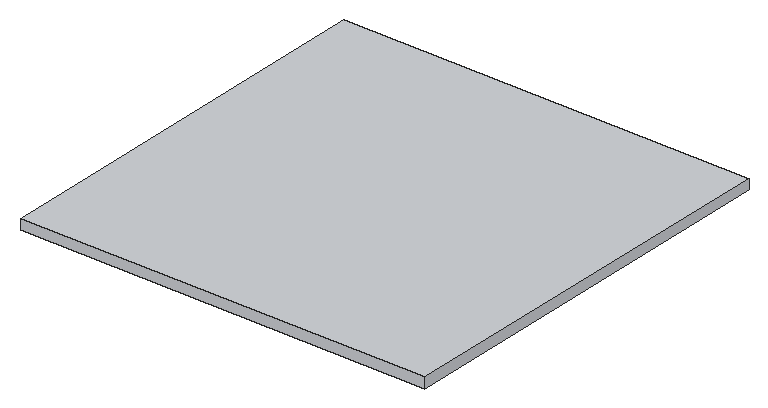
Revit family "8647200", category Aparatos sanitarios, Revit 2017
Family settings
  Anfitrión = Cara
  Cota de conector redondo = Diámetro de uso
  Tipo de pieza = Normal
  Número OmniClass = 23.45.55.14
  Título OmniClass = Single Faucets
  Corte con vacíos al cargar = No
  Compartido = No
  Punto de cálculo de habitación = No
Parameters (values of type "8647200")
  URL = "http://www.griferiasgalindo.com/ducha/theo/grifo-ducha-empotrable-3-vias-theo?c=es"
  Teléfono = "(+34) 915 782 575"
  TIPO DE AGUA = "Fria/Caliente"
  REFERENCIA = "8647200"
  Presión Máxima = "8 bar"
  PESO BRUTO = "1.65 Kg"
  Modelo = "MECANISMO DUCHA EMPOTRABLE 3 VIAS"
  Material = LATON CROMADO
  Imagen de tipo = <Ninguno>
  Fabricante = "PRESTO IBÉRICA"
  Default Elevation = 1219.2 mm
  ENTRADA = "Hembra 1/2\""
  Descripción = "Mecanismo ducha empotrable 3 vías"
  Código de montaje = "C1030220"
  Contacto = "info@prestoiberica.com"
  Conexión AF = yes
  Conexión AC = yes
  Comentarios de tipo = "Cartucho desviador con Ø 35 mm."
  CIERRE = "Manual"
  CAUDAL = ""
  Accionamiento = "Mediante maneta"
Reference planes
  plane 1 "Centro (Frontal/Posterior)": y = 0
  plane 2: z = 0
  plane 3 "Centro (Izquierda/Derecha)": x = 0
Forms (mm)
  Extrusion 1, solid
    sketch origin (0, 0, 0) x (1, 0, 0) y (0, 1, 0)
      loop
        line (-100, 100) -> (-100, -100) -> (100, -100) -> (100, 100) -> (-100, 100)
    from 0 to -5
Dimensions and locks
  Extrusion 1 sketch curve to plane 1 "Centro (Frontal/Posterior)" = 100 mm
  aligned and locked: plane 2 to Extrusion 1
  aligned and locked: level to Extrusion 1
Connectors
  piping at (50, 35, -45.5), diameter 12.7
    settings: on import instance, index 1, connector inside diameter 609.6 mm, connector length 0 mm, flow factor 0, pipe flow 0.0 L/s, pressure drop 0.0 Pa, fitting loss kfactor 0, connector angle 0.00°, fixture units 0, engagement length 0 mm, angle of deflection 0.00°, flow configuration 0, flow direction 1, fitting loss method 0, system type 20, joint type 0, gender type 0, connector reference index -1, connector utility 0, adjustable connector no, is connector primary yes, connector description ""
  piping at (-49, 35, -45.5), diameter 12.7
    settings: on import instance, index 2, connector inside diameter 609.6 mm, connector length 0 mm, flow factor 0, pipe flow 0.0 L/s, pressure drop 0.0 Pa, fitting loss kfactor 0, connector angle 0.00°, fixture units 0, engagement length 0 mm, angle of deflection 0.00°, flow configuration 0, flow direction 1, fitting loss method 0, system type 19, joint type 0, gender type 0, connector reference index -1, connector utility 0, adjustable connector no, is connector primary no, connector description ""
